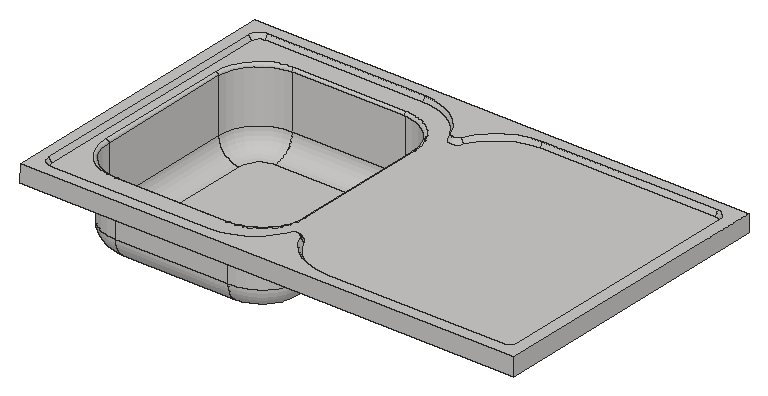
Revit family
Parameters (values of type "900 X 535")
  Waste Connection Diameter = 40 mm
  Width Of Bowl = 400 mm
  Waste Connection Radius = Waste Connection Diameter / 2  # 20 mm
  Waste Connection = 1 = 1  # yes
  WFU = 0
  Vent Connection = 1 = 0  # no
  URL = "http://www.autospec.co.za/browse.php?id=1937217983"
  Product Code = "SSO-900-SE"
  OmniClass Title = ""
  OmniClass Number = ""
  Modspec Classification = ""
  Specification = ""
  Material = Stainless Steel Grade 304
  Location (revit room) = ""
  Length Of Bowl = 355 mm
  HW Connection = 1 = 0  # no
  Description = ""
  Depth Of Bowl = 150 mm
  Colour = none
  CW Connection = 1 = 0  # no
  Body Finish = none
  Width = 535 mm
  Model = "Left Hand Sit-On Sink Single End Bowl SSO-900-SE"
  Manufacturer = "Kwikot"  # constant formula
  Length = 900 mm
  Assembly Code = "D2010410"
Reference planes
  plane 1 "Center (Front/Back)": y = 0
  plane 2 "Bottom": z = 0
  plane 3 "Center (Left/Right)": x = 0
  plane 4 "Right": x = 900
  plane 5 "Back": y = 535
  plane 6 "Top": z = 150
  plane 7: z = 118
  plane 8: x = 47
  plane 9: x = 402
  plane 10: y = 267.5
  plane 11: y = 467.5
  plane 12: y = 67.5
  plane 13: x = 224.5
  plane 14: z = 142
Forms (mm)
  Sweep 1, solid, material "Stainless Steel Grade 304" <- "Material"
    path origin (-60.109, -1524, 150) x (-1, 0, 0) y (0, -1, 0)
      loop
        line (-60.109, -2059) -> (-60.109, -1524) -> (-960.109, -1524) -> (-960.109, -2059) -> (-60.109, -2059)
    profile origin (450, 535, 150) x (0, 1, 0) y (0, 0, 1)
      loop
        line (-15, 0) -> (-15, -10.5) -> (-2.5, -10.5) -> (-2.5, -29.5) -> (-10, -29.5) -> (-10, -32) -> (0, -32) -> (0, 0) -> (-15, 0)
  Extrusion 2, solid, material "Stainless Steel Grade 304" <- "Material"
    sketch origin (-60.109, -1524, 150) x (-1, 0, 0) y (0, -1, 0)
      loop
        line (-75.109, -1539) -> (-945.109, -1539) -> (-945.109, -2044) -> (-75.109, -2044) -> (-75.109, -1539)
    from 0 to -10.5
  Extrusion 3, void
    sketch origin (-60.109, -1524, 150) x (0, -1, 0) y (-1, 0, 0)
      loop
        line (-1991.5, -182.109) -> (-1991.5, -387.109)
        arc (-1991.5, -387.109) -> (-1969.533, -440.142) -> (-1916.5, -462.109) r 75
        line (-1916.5, -462.109) -> (-1666.5, -462.109)
        arc (-1666.5, -462.109) -> (-1613.467, -440.142) -> (-1591.5, -387.109) r 75
        line (-1591.5, -387.109) -> (-1591.5, -182.109)
        arc (-1591.5, -182.109) -> (-1613.467, -129.076) -> (-1666.5, -107.109) r 75
        line (-1666.5, -107.109) -> (-1916.5, -107.109)
        arc (-1916.5, -107.109) -> (-1969.533, -129.076) -> (-1991.5, -182.109) r 75
    from 0 to 10.5
  Sweep 4, solid, material "Stainless Steel Grade 304" <- "Material"
    path origin (-60.109, -1524, 150) x (-1, 0, 0) y (0, -1, 0)
      loop
        arc (-182.109, -1991.5) -> (-129.076, -1969.533) -> (-107.109, -1916.5) r 75
        line (-107.109, -1916.5) -> (-107.109, -1666.5)
        arc (-107.109, -1666.5) -> (-129.076, -1613.467) -> (-182.109, -1591.5) r 75
        line (-182.109, -1591.5) -> (-387.109, -1591.5)
        arc (-387.109, -1591.5) -> (-440.142, -1613.467) -> (-462.109, -1666.5) r 75
        line (-462.109, -1666.5) -> (-462.109, -1916.5)
        arc (-462.109, -1916.5) -> (-440.142, -1969.533) -> (-387.109, -1991.5) r 75
        line (-387.109, -1991.5) -> (-182.109, -1991.5)
    profile origin (224.5, 467.5, 150) x (0, 1, 0) y (0, 0, 1)
      loop
        line (0, -10.5) -> (0, -110)
        arc (0, -110) -> (-10.983, -136.517) -> (-37.5, -147.5) r 37.5
        line (-37.5, -147.5) -> (-37.5, -150)
        arc (-37.5, -150) -> (-9.216, -138.284) -> (2.5, -110) r 40
        line (2.5, -110) -> (2.5, -10.5) -> (0, -10.5)
  Extrusion 5, solid, material "Stainless Steel Grade 304" <- "Material"
    sketch origin (0, 0, 0) x (1, 0, 0) y (0, 1, 0)
      loop
        arc (84.5, 142.5) -> (95.483, 115.983) -> (122, 105) r 37.5
        line (122, 105) -> (327, 105)
        arc (327, 105) -> (353.517, 115.983) -> (364.5, 142.5) r 37.5
        line (364.5, 142.5) -> (364.5, 392.5)
        arc (364.5, 392.5) -> (353.517, 419.017) -> (327, 430) r 37.5
        line (327, 430) -> (122, 430)
        arc (122, 430) -> (95.483, 419.017) -> (84.5, 392.5) r 37.5
        line (84.5, 392.5) -> (84.5, 142.5)
      loop
        circle (327, 267.5) r 20
    from 0 to 2.5
  Blend 6, void
    base sketch origin (0, 0, 150) x (-1, 0, 0) y (0, -1, 0)
      loop
        line (-20, -495) -> (-20, -40)
        arc (-20, -40) -> (-25.858, -25.858) -> (-40, -20) r 20
        line (-40, -20) -> (-327, -20)
        arc (-327, -20) -> (-385.699, -37.44) -> (-425.351, -84.103) r 107.5
        arc (-425.351, -84.103) -> (-434.5, -90.066) -> (-443.649, -84.103) r 10
        arc (-443.649, -84.103) -> (-483.301, -37.44) -> (-542, -20) r 107.5
        line (-542, -20) -> (-860, -20)
        arc (-860, -20) -> (-874.142, -25.858) -> (-880, -40) r 20
        line (-880, -40) -> (-880, -495)
        arc (-880, -495) -> (-874.142, -509.142) -> (-860, -515) r 20
        line (-860, -515) -> (-542, -515)
        arc (-542, -515) -> (-483.301, -497.56) -> (-443.649, -450.897) r 107.5
        arc (-443.649, -450.897) -> (-434.5, -444.934) -> (-425.351, -450.897) r 10
        arc (-425.351, -450.897) -> (-385.699, -497.56) -> (-327, -515) r 107.5
        line (-327, -515) -> (-40, -515)
        arc (-40, -515) -> (-25.858, -509.142) -> (-20, -495) r 20
    top sketch origin (0, 0, 150) x (-1, 0, 0) y (0, -1, 0)
      loop
        line (-25, -495) -> (-25, -40)
        arc (-25, -40) -> (-29.393, -29.393) -> (-40, -25) r 15
        line (-40, -25) -> (-327, -25)
        arc (-327, -25) -> (-382.968, -41.629) -> (-420.777, -86.121) r 102.5
        arc (-420.777, -86.121) -> (-434.5, -95.066) -> (-448.223, -86.121) r 15
        arc (-448.223, -86.121) -> (-486.032, -41.629) -> (-542, -25) r 102.5
        line (-542, -25) -> (-860, -25)
        arc (-860, -25) -> (-870.607, -29.393) -> (-875, -40) r 15
        line (-875, -40) -> (-875, -495)
        arc (-875, -495) -> (-870.607, -505.607) -> (-860, -510) r 15
        line (-860, -510) -> (-542, -510)
        arc (-542, -510) -> (-486.032, -493.371) -> (-448.223, -448.879) r 102.5
        arc (-448.223, -448.879) -> (-434.5, -439.934) -> (-420.777, -448.879) r 15
        arc (-420.777, -448.879) -> (-382.968, -493.371) -> (-327, -510) r 102.5
        line (-327, -510) -> (-40, -510)
        arc (-40, -510) -> (-29.393, -505.607) -> (-25, -495) r 15
    from 0 to -8
  Extrusion 7, solid, material "Stainless Steel Grade 304" <- "Material"
    sketch origin (0, 0, 0) x (1, 0, 0) y (0, 1, 0)
      loop
        circle (327, 267.5) r 20
    from 0 to -5
  Sweep 8, void
    path origin (-60.109, -1524, 150) x (-1, 0, 0) y (0, -1, 0)
      loop
        line (-387.109, -1991.5) -> (-182.109, -1991.5)
        arc (-182.109, -1991.5) -> (-129.076, -1969.533) -> (-107.109, -1916.5) r 75
        line (-107.109, -1916.5) -> (-107.109, -1666.5)
        arc (-107.109, -1666.5) -> (-129.076, -1613.467) -> (-182.109, -1591.5) r 75
        line (-182.109, -1591.5) -> (-387.109, -1591.5)
        arc (-387.109, -1591.5) -> (-440.142, -1613.467) -> (-462.109, -1666.5) r 75
        line (-462.109, -1666.5) -> (-462.109, -1916.5)
        arc (-462.109, -1916.5) -> (-440.142, -1969.533) -> (-387.109, -1991.5) r 75
    profile origin (224.5, 467.5, 150) x (0, -1, 0) y (0, 0, 1)
      loop
        line (0, -8) -> (-5, -8)
        arc (-5, -8) -> (-1.464, -9.464) -> (0, -13) r 5
        line (0, -13) -> (0, -8)
Cuts and joins
  Extrusion 3, Blend 6, Sweep 8 cuts Sweep 1
  Extrusion 3, Blend 6, Sweep 8 cuts Extrusion 2
  Blend 6, Sweep 8 cuts Sweep 4
  Blend 6, Sweep 8 cuts Extrusion 5
  Sweep 8 cuts Extrusion 7
  joined: Sweep 1, Extrusion 2, Sweep 4, Extrusion 5, Extrusion 7
Lines and regions (mm)
  symbolic lines
    curve 1: line (0, 535, 150) -> (0, 0, 150)
    curve 2: line (0, 0, 150) -> (900, 0, 150)
    curve 3: line (900, 0, 150) -> (900, 535, 150)
    curve 4: line (900, 535, 150) -> (0, 535, 150)
    curve 5: line (20, 40, 150) -> (20, 495, 150)
    curve 6: line (25, 495, 150) -> (25, 40, 150)
    curve 7: arc (20, 495, 150) -> (25.858, 509.142, 150) -> (40, 515, 150) r 20
    curve 8: arc (40, 510, 150) -> (29.393, 505.607, 150) -> (25, 495, 150) r 15
    curve 9: line (40, 515, 150) -> (327, 515, 150)
    curve 10: line (327, 510, 150) -> (40, 510, 150)
    curve 11: arc (327, 515, 150) -> (385.699, 497.56, 150) -> (425.351, 450.897, 150) r 107.5
    curve 12: arc (420.777, 448.879, 150) -> (382.968, 493.371, 150) -> (327, 510, 150) r 102.5
    curve 13: arc (425.351, 450.897, 150) -> (434.5, 444.934, 150) -> (443.649, 450.897, 150) r 10
    curve 14: arc (448.223, 448.879, 150) -> (434.5, 439.934, 150) -> (420.777, 448.879, 150) r 15
    curve 15: arc (443.649, 450.897, 150) -> (483.301, 497.56, 150) -> (542, 515, 150) r 107.5
    curve 16: arc (542, 510, 150) -> (486.032, 493.371, 150) -> (448.223, 448.879, 150) r 102.5
    curve 17: line (542, 515, 150) -> (860, 515, 150)
    curve 18: line (860, 510, 150) -> (542, 510, 150)
    curve 19: arc (860, 515, 150) -> (874.142, 509.142, 150) -> (880, 495, 150) r 20
    curve 20: arc (875, 495, 150) -> (870.607, 505.607, 150) -> (860, 510, 150) r 15
    curve 21: line (875, 40, 150) -> (875, 495, 150)
    curve 22: line (880, 495, 150) -> (880, 40, 150)
    curve 23: arc (880, 40, 150) -> (874.142, 25.858, 150) -> (860, 20, 150) r 20
    curve 24: arc (860, 25, 150) -> (870.607, 29.393, 150) -> (875, 40, 150) r 15
    curve 25: line (860, 20, 150) -> (542, 20, 150)
    curve 26: line (542, 25, 150) -> (860, 25, 150)
    curve 27: arc (542, 20, 150) -> (483.301, 37.44, 150) -> (443.649, 84.103, 150) r 107.5
    curve 28: arc (448.223, 86.121, 150) -> (486.032, 41.629, 150) -> (542, 25, 150) r 102.5
    curve 29: arc (420.777, 86.121, 150) -> (434.5, 95.066, 150) -> (448.223, 86.121, 150) r 15
    curve 30: arc (443.649, 84.103, 150) -> (434.5, 90.066, 150) -> (425.351, 84.103, 150) r 10
    curve 31: arc (425.351, 84.103, 150) -> (385.699, 37.44, 150) -> (327, 20, 150) r 107.5
    curve 32: arc (327, 25, 150) -> (382.968, 41.629, 150) -> (420.777, 86.121, 150) r 102.5
    curve 33: line (327, 20, 150) -> (40, 20, 150)
    curve 34: line (40, 25, 150) -> (327, 25, 150)
    curve 35: arc (40, 20, 150) -> (25.858, 25.858, 150) -> (20, 40, 150) r 20
    curve 36: arc (25, 40, 150) -> (29.393, 29.393, 150) -> (40, 25, 150) r 15
    curve 37: line (47, 392.5, 150) -> (47, 142.5, 150)
    curve 38: arc (122, 467.5, 150) -> (68.967, 445.533, 150) -> (47, 392.5, 150) r 75
    curve 39: line (327, 467.5, 150) -> (122, 467.5, 150)
    curve 40: arc (402, 392.5, 150) -> (380.033, 445.533, 150) -> (327, 467.5, 150) r 75
    curve 41: line (402, 142.5, 150) -> (402, 392.5, 150)
    curve 42: arc (327, 67.5, 150) -> (380.033, 89.467, 150) -> (402, 142.5, 150) r 75
    curve 43: line (122, 67.5, 150) -> (327, 67.5, 150)
    curve 44: arc (47, 142.5, 150) -> (68.967, 89.467, 150) -> (122, 67.5, 150) r 75
    curve 52: arc (347, 267.5, 150) -> (327, 247.5, 150) -> (307, 267.5, 150) r 20
    curve 53: arc (307, 267.5, 150) -> (327, 287.5, 150) -> (347, 267.5, 150) r 20
  model lines
    curve 45: line (855.771, 475, 142) -> (855.771, 60, 142)
    curve 46: arc (542, 475, 142) -> (483.664, 450.836, 142) -> (459.5, 392.5, 142) r 82.5
    curve 47: arc (459.5, 142.5, 142) -> (483.664, 84.164, 142) -> (542, 60, 142) r 82.5
    curve 48: line (459.5, 392.5, 142) -> (459.5, 142.5, 142)
    curve 49: line (542, 475, 142) -> (855.771, 475, 142)
    curve 50: line (542, 60, 142) -> (855.771, 60, 142)
    curve 51: line (855.771, 455, 142) -> (488.148, 455, 142)
    curve 54: line (855.771, 430, 142) -> (468.515, 430, 142)
    curve 55: line (855.771, 405, 142) -> (460.452, 405, 142)
    curve 56: line (855.771, 380, 142) -> (459.5, 380, 142)
    curve 57: line (855.771, 355, 142) -> (459.5, 355, 142)
    curve 58: line (855.771, 330, 142) -> (459.5, 330, 142)
    curve 59: line (855.771, 305, 142) -> (459.5, 305, 142)
    curve 60: line (855.771, 280, 142) -> (459.5, 280, 142)
    curve 61: line (855.771, 255, 142) -> (459.5, 255, 142)
    curve 62: line (855.771, 230, 142) -> (459.5, 230, 142)
    curve 63: line (855.771, 205, 142) -> (459.5, 205, 142)
    curve 64: line (855.771, 180, 142) -> (459.5, 180, 142)
    curve 65: line (855.771, 155, 142) -> (459.5, 155, 142)
    curve 66: line (855.771, 130, 142) -> (459.5, 130, 142)
    curve 67: line (855.771, 105, 142) -> (468.515, 105, 142)
    curve 68: line (855.771, 80, 142) -> (488.148, 80, 142)
Dimensions and locks
  "Length": plane 3 "Center (Left/Right)" to plane 4 "Right"
  "Width": plane 5 "Back" to plane 1 "Center (Front/Back)"
  "Depth Of Bowl": plane 6 "Top" to plane 2 "Bottom"
  equal spacing: plane 1 "Center (Front/Back)", plane 10, plane 5 "Back"
  "Length Of Bowl": plane 8 to plane 9
  "Width Of Bowl": plane 11 to plane 12
  equal spacing: plane 11, plane 10, plane 12
  equal spacing: plane 8, plane 13, plane 9
  plane 6 "Top" to plane 7 = 32 mm
  Sweep 1 sketch curve to plane 5 "Back" = 10 mm
  Sweep 1 sketch curve to plane 5 "Back" = 15 mm
  plane 6 "Top" to Sweep 1 sketch curve = 10.5 mm
  Sweep 1 sketch curve to plane 5 "Back" = 2.5 mm
  plane 7 to Sweep 1 sketch curve = 2.5 mm
  Extrusion 5 sketch curve to plane 9 = 75 mm
  plane 3 "Center (Left/Right)" to Blend 6 sketch curve = 20 mm
  Blend 6 sketch curve to plane 4 "Right" = 20 mm
  plane 5 "Back" to Blend 6 sketch curve = 20 mm
  plane 1 "Center (Front/Back)" to Blend 6 sketch curve = 20 mm
  var sketch to Blend 6 sketch curve = 5 mm  (x3)
  Blend 6 sketch curve to var sketch = 5 mm
  plane 6 "Top" to plane 14 = 8 mm
  radius of Extrusion 3 sketch curve = 75 mm  (x4)
  radius of Sweep 4 sketch curve = 37.5 mm
  radius of Sweep 4 sketch curve = 40 mm
  "Waste Connection Radius": radius of Extrusion 5 sketch curve
  radius of Blend 6 sketch curve = 20 mm  (x4)
  radius of Blend 6 sketch curve = 15 mm  (x6)
  radius of Blend 6 sketch curve = 107.5 mm  (x4)
  radius of Blend 6 sketch curve = 10 mm  (x2)
  radius of Blend 6 sketch curve = 102.5 mm  (x4)
  aligned and locked: level to plane 2 "Bottom"
  aligned and locked: Sweep 1 sketch curve to plane 5 "Back"
  aligned and locked: plane 3 "Center (Left/Right)" to Sweep 1 sketch curve
  aligned and locked: Sweep 1 sketch curve to plane 1 "Center (Front/Back)"
  aligned and locked: plane 4 "Right" to Sweep 1 sketch curve
  aligned and locked: Sweep 1 sketch curve to profile plane
  aligned and locked: plane 7 to Sweep 1 sketch curve
  aligned and locked: profile plane to Sweep 1 sketch curve
  aligned and locked: Extrusion 2 sketch curve to Sweep 1  (x4)
  aligned and locked: Sweep 1 to Extrusion 2
  aligned and locked: plane 6 "Top" to Extrusion 2
  aligned and locked: plane 11 to Extrusion 3 sketch curve
  aligned and locked: Extrusion 3 sketch curve to plane 8
  aligned and locked: Extrusion 3 sketch curve to plane 12
  aligned and locked: plane 9 to Extrusion 3 sketch curve
  aligned and locked: Sweep 1 to Extrusion 3
  aligned and locked: plane 6 "Top" to Extrusion 3
  aligned and locked: Sweep 4 sketch curve to cut or joined group of Sweep 1, Extrusion 2, Extrusion 3, Sweep 4, Extrusion 5, Blend 6, Extrusion 7, Sweep 8  (x5)
  aligned and locked: cut or joined group of Sweep 1, Extrusion 2, Extrusion 3, Sweep 4, Extrusion 5, Blend 6, Extrusion 7, Sweep 8 to Sweep 4 sketch curve
  aligned and locked: plane 2 "Bottom" to Sweep 4 sketch curve
  aligned and locked: Extrusion 5 sketch curve to cut or joined group of Sweep 1, Extrusion 2, Extrusion 3, Sweep 4, Extrusion 5, Blend 6, Extrusion 7, Sweep 8  (x4)
  aligned and locked: plane 10 to Extrusion 5 sketch curve
  aligned and locked: Blend 6 sketch curve to Blend 6 sketch curve  (x4)
  aligned and locked: curve 1 to cut or joined group of Sweep 1, Extrusion 2, Extrusion 3, Sweep 4, Extrusion 5, Blend 6, Extrusion 7, Sweep 8
  aligned and locked: curve 2 to cut or joined group of Sweep 1, Extrusion 2, Extrusion 3, Sweep 4, Extrusion 5, Blend 6, Extrusion 7, Sweep 8
  aligned and locked: curve 3 to cut or joined group of Sweep 1, Extrusion 2, Extrusion 3, Sweep 4, Extrusion 5, Blend 6, Extrusion 7, Sweep 8
  aligned and locked: curve 4 to cut or joined group of Sweep 1, Extrusion 2, Extrusion 3, Sweep 4, Extrusion 5, Blend 6, Extrusion 7, Sweep 8
  aligned and locked: curve 7 to cut or joined group of Sweep 1, Extrusion 2, Extrusion 3, Sweep 4, Extrusion 5, Blend 6, Extrusion 7, Sweep 8
  aligned and locked: curve 8 to cut or joined group of Sweep 1, Extrusion 2, Extrusion 3, Sweep 4, Extrusion 5, Blend 6, Extrusion 7, Sweep 8
  aligned and locked: curve 11 to cut or joined group of Sweep 1, Extrusion 2, Extrusion 3, Sweep 4, Extrusion 5, Blend 6, Extrusion 7, Sweep 8
  aligned and locked: curve 12 to cut or joined group of Sweep 1, Extrusion 2, Extrusion 3, Sweep 4, Extrusion 5, Blend 6, Extrusion 7, Sweep 8
  aligned and locked: curve 13 to cut or joined group of Sweep 1, Extrusion 2, Extrusion 3, Sweep 4, Extrusion 5, Blend 6, Extrusion 7, Sweep 8
  aligned and locked: curve 14 to cut or joined group of Sweep 1, Extrusion 2, Extrusion 3, Sweep 4, Extrusion 5, Blend 6, Extrusion 7, Sweep 8
  aligned and locked: curve 15 to cut or joined group of Sweep 1, Extrusion 2, Extrusion 3, Sweep 4, Extrusion 5, Blend 6, Extrusion 7, Sweep 8
  aligned and locked: curve 16 to cut or joined group of Sweep 1, Extrusion 2, Extrusion 3, Sweep 4, Extrusion 5, Blend 6, Extrusion 7, Sweep 8
  aligned and locked: curve 19 to cut or joined group of Sweep 1, Extrusion 2, Extrusion 3, Sweep 4, Extrusion 5, Blend 6, Extrusion 7, Sweep 8
  aligned and locked: curve 20 to cut or joined group of Sweep 1, Extrusion 2, Extrusion 3, Sweep 4, Extrusion 5, Blend 6, Extrusion 7, Sweep 8
  aligned and locked: curve 23 to cut or joined group of Sweep 1, Extrusion 2, Extrusion 3, Sweep 4, Extrusion 5, Blend 6, Extrusion 7, Sweep 8
  aligned and locked: curve 24 to cut or joined group of Sweep 1, Extrusion 2, Extrusion 3, Sweep 4, Extrusion 5, Blend 6, Extrusion 7, Sweep 8
  aligned and locked: curve 27 to cut or joined group of Sweep 1, Extrusion 2, Extrusion 3, Sweep 4, Extrusion 5, Blend 6, Extrusion 7, Sweep 8
  aligned and locked: curve 28 to cut or joined group of Sweep 1, Extrusion 2, Extrusion 3, Sweep 4, Extrusion 5, Blend 6, Extrusion 7, Sweep 8
  aligned and locked: curve 29 to cut or joined group of Sweep 1, Extrusion 2, Extrusion 3, Sweep 4, Extrusion 5, Blend 6, Extrusion 7, Sweep 8
  aligned and locked: curve 30 to cut or joined group of Sweep 1, Extrusion 2, Extrusion 3, Sweep 4, Extrusion 5, Blend 6, Extrusion 7, Sweep 8
  aligned and locked: curve 31 to cut or joined group of Sweep 1, Extrusion 2, Extrusion 3, Sweep 4, Extrusion 5, Blend 6, Extrusion 7, Sweep 8
  aligned and locked: curve 32 to cut or joined group of Sweep 1, Extrusion 2, Extrusion 3, Sweep 4, Extrusion 5, Blend 6, Extrusion 7, Sweep 8
  aligned and locked: curve 35 to cut or joined group of Sweep 1, Extrusion 2, Extrusion 3, Sweep 4, Extrusion 5, Blend 6, Extrusion 7, Sweep 8
  aligned and locked: curve 36 to cut or joined group of Sweep 1, Extrusion 2, Extrusion 3, Sweep 4, Extrusion 5, Blend 6, Extrusion 7, Sweep 8
  aligned and locked: curve 38 to cut or joined group of Sweep 1, Extrusion 2, Extrusion 3, Sweep 4, Extrusion 5, Blend 6, Extrusion 7, Sweep 8
  aligned and locked: curve 40 to cut or joined group of Sweep 1, Extrusion 2, Extrusion 3, Sweep 4, Extrusion 5, Blend 6, Extrusion 7, Sweep 8
  aligned and locked: curve 42 to cut or joined group of Sweep 1, Extrusion 2, Extrusion 3, Sweep 4, Extrusion 5, Blend 6, Extrusion 7, Sweep 8
  aligned and locked: curve 44 to cut or joined group of Sweep 1, Extrusion 2, Extrusion 3, Sweep 4, Extrusion 5, Blend 6, Extrusion 7, Sweep 8
  aligned and locked: Extrusion 7 sketch curve to cut or joined group of Sweep 1, Extrusion 2, Extrusion 3, Sweep 4, Extrusion 5, Blend 6, Extrusion 7, Sweep 8  (x2)
  aligned and locked: Sweep 8 sketch curve to cut or joined group of Sweep 1, Extrusion 2, Extrusion 3, Sweep 4, Extrusion 5, Blend 6, Extrusion 7, Sweep 8  (x4)
  aligned and locked: profile plane to Sweep 8 sketch curve
  aligned and locked: cut or joined group of Sweep 1, Extrusion 2, Extrusion 3, Sweep 4, Extrusion 5, Blend 6, Extrusion 7, Sweep 8 to Sweep 8 sketch curve
  aligned and locked: Blend 6 to Sweep 8
  aligned and locked: curve 52 to cut or joined group of Sweep 1, Extrusion 2, Extrusion 3, Sweep 4, Extrusion 5, Blend 6, Extrusion 7, Sweep 8
  aligned and locked: curve 53 to cut or joined group of Sweep 1, Extrusion 2, Extrusion 3, Sweep 4, Extrusion 5, Blend 6, Extrusion 7, Sweep 8
Automatic sketch dimensions
  Sweep 4 sketch curve to Sweep 4 sketch curve = 0 mm
  plane 9 to Blend 6 sketch curve = 41.649 mm  (x2)
  Blend 6 sketch curve to Blend 6 sketch curve = 0 mm  (x6)
  Blend 6 sketch curve to Blend 6 sketch curve = 18.298 mm
  Blend 6 sketch curve to Blend 6 sketch curve = 9.149 mm  (x2)
  Blend 6 sketch curve to Blend 6 sketch curve = 4.037 mm
  plane 9 to Blend 6 sketch curve = 46.223 mm  (x2)
  Blend 6 sketch curve to Blend 6 sketch curve = 13.723 mm  (x2)
  profile plane to Sweep 8 sketch curve = 5 mm
  Sweep 8 sketch curve to Sweep 8 sketch curve = 5 mm  (x2)
  Sweep 8 sketch curve to Sweep 8 sketch curve = 0 mm
  Sweep 8 sketch curve to profile plane = 0 mm
  plane 11 to curve 45 = 7.5 mm
  plane 4 "Right" to curve 45 = 44.229 mm
  plane 9 to curve 49 = 140 mm
  curve 47 to plane 12 = 7.5 mm
  plane 9 to curve 47 = 140 mm
  plane 12 to curve 68 = 12.5 mm
  curve 51 to plane 11 = 12.5 mm
  curve 51 to curve 54 = 19.633 mm
  curve 68 to curve 67 = 19.633 mm
  curve 55 to curve 48 = 0.952 mm
  curve 66 to curve 47 = 0 mm
  curve 46 to curve 56 = 12.5 mm
  curve 56 to curve 57 = 25 mm
  curve 57 to curve 58 = 25 mm
  curve 58 to curve 59 = 25 mm
  plane 10 to curve 60 = 12.5 mm
  curve 61 to plane 10 = 12.5 mm
  curve 61 to curve 62 = 25 mm
  curve 62 to curve 63 = 25 mm
  curve 63 to curve 64 = 25 mm
  curve 64 to curve 65 = 25 mm
  curve 65 to curve 66 = 25 mm
  curve 66 to curve 67 = 25 mm
Connectors
  piping at (327, 267.5, -5), driven by "Waste Connection Radius", driven by "WFU"
    settings: on cut or joined group of Sweep 1, Extrusion 2, Extrusion 3, Sweep 4, Extrusion 5, Blend 6, Extrusion 7, Sweep 8, index 1, connector radius 20 mm, flow factor 0, pipe flow 0.0 L/s, pressure drop 0.0 Pa, fitting loss kfactor 0, connector angle 0.00°, fixture units 0, flow configuration 3, flow direction 2, fitting loss method 4, system type 16, connector reference index -1, connector utility 0, adjustable connector no, is connector primary yes, fitting loss table "", connector description "Waste Connection"
